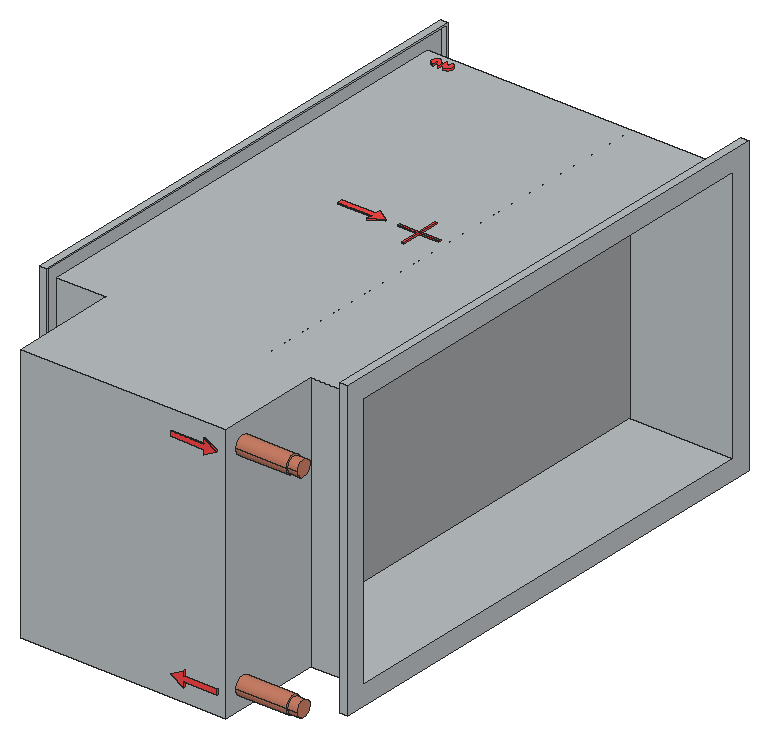
Revit family "NLRS_57_DUA_UN_rectangular-heater-ah_kk-LT_sacs", category Duct Accessories, Revit 2019
Family settings
  Round Connector Dimension = Use Diameter
  Part Type = Breaks Into
  OmniClass Number = 23.75.10.11.17
  OmniClass Title = Warm Air Heat Generators
  Work Plane-Based = No
  Always vertical = Yes
  Cut with Voids When Loaded = No
  Shared = No
Parameters (values of type "AH_KK heater")
  SACS_Warning_Text_Size [instance] = if(SACS_Warning_Size, "Invalid duct size. Nearest larger size selected", " ")  # " "
  SACS_Warning_Text_Other [instance] = if(SACS_Warning_Other, "Selected configuration not allowed", " ")  # " "
  SACS_Warning_Size [instance] = or(not(NLRS_M_c01_breedte = SACS_Duct_Width), not(NLRS_M_c01_hoogte = SACS_Duct_Height))  # no
  SACS_Warning_Sign [instance] = and(not(SACS_Disable_Warning), or(SACS_Warning_Size, SACS_Warning_Other))  # no
  SACS_Warning_Other [instance] = or([Heater rows (2-10)] < 2, [Heater rows (2-10)] > 10, [Heater circuits (1-26)] < 1, [Heater circuits (1-26)] > 26)  # no
  SACS_Use_Manual_Airflow [instance] = no
  SACS_Model [instance] = size_lookup(SACS_Article_Data, "Model", "NB", SACS_Duct_Width, SACS_Duct_Height, SACS_Index1, SACS_Index2, SACS_Index3)  # "AH2KKR-25-02 450x250"
  SACS_Manual_Airflow [instance] = 0.0 m³/h
  SACS_Index3 [instance] = if(SACS_Water_Connection_Right, 0.00 mm, 1.00 mm)  # 0.00 mm
  SACS_Index2 [instance] = if([Heater circuits (1-26)] < 1, 1, if([Heater circuits (1-26)] > 26, 26, [Heater circuits (1-26)])) * 1.00 mm  # 2.00 mm
  SACS_Index1 [instance] = if([Heater rows (2-10)] < 2, 2, if([Heater rows (2-10)] > 10, 10, [Heater rows (2-10)])) * 1.00 mm  # 2.00 mm
  SACS_Disable_Warning [instance] = no
  SACS_Battery_Length [instance] = SACS_Index1 * 50  # 100.00 mm
  SACS_Article_Data = "AH-KK_Data"  # constant formula
  SACS_Water_Connection_Right [instance] = yes
  URL = "https://solid-air.nl/producten/solid-air-naverwarmer-ah-k/"
  Type Comments = "Check flow directions!"  # constant formula
  SACS_Y_Offset3 [instance] = if(SACS_Water_Connection_Right, -1.00 mm, SACS_Length_Y - 1.00 mm)  # -1.00 mm
  SACS_Y_Offset2 [instance] = if(SACS_Water_Connection_Right, SACS_Duct_Width + SACS_Length_Y - 20.00 mm, 20.00 mm)  # 535.00 mm
  SACS_Y_Offset [instance] = if(SACS_Water_Connection_Right, 0.00 mm, SACS_Length_Y)  # 0.00 mm
  SACS_Type_Mark [instance] = ""
  SACS_Right_Box [instance] = if(SACS_Water_Connection_Right, SACS_Duct_Width + SACS_Length_Y, SACS_Y_Offset - 1.00 mm)  # 555.00 mm
  SACS_Plenum_L [instance] = 300.00 mm
  SACS_Offset_RL [instance] = if(SACS_Water_Connection_Right, 20.00 mm, SACS_Duct_Width + SACS_Length_Y - 19.00 mm)  # 20.00 mm
  SACS_Length_Y [instance] = 90.00 mm + NLRS_P_c01_diameter  # 105.00 mm
  SACS_Left_Box [instance] = if(SACS_Water_Connection_Right, SACS_Duct_Width + 1.00 mm, 0.00 mm)  # 451.00 mm
  SACS_Index_Side [instance] = if(SACS_Water_Connection_Right, 0, 1)  # 0
  SACS_Flange_Height [instance] = if(or(SACS_Duct_Height > 650.00 mm, SACS_Duct_Width > 650.00 mm), 29.00 mm, 19.00 mm)  # 19.00 mm
  SACS_Duct_Width [instance] = if(roundup(NLRS_M_c01_breedte / 50.00 mm) * 50 < 200, 200.00 mm, if(roundup(NLRS_M_c01_breedte / 50.00 mm * 50) > 2000, 2000.00 mm, roundup(NLRS_M_c01_breedte / 50.00 mm) * 50.00 mm))  # 450.00 mm
  SACS_Duct_Height [instance] = if(roundup(NLRS_M_c01_hoogte / 50.00 mm) * 50 < 200, 200.00 mm, if(roundup(NLRS_M_c01_hoogte / 50.00 mm * 50) > 1600, 1600.00 mm, roundup(NLRS_M_c01_hoogte / 50.00 mm) * 50.00 mm))  # 250.00 mm
  SACS_Diameter2 [instance] = NLRS_P_c01_diameter + 2.00 mm  # 17.00 mm
  SACS_Article_Code [instance] = size_lookup(SACS_Article_Data, "", "NB", SACS_Duct_Width, SACS_Duct_Height, SACS_Index1, SACS_Index2, SACS_Index3)  # "9401000537"
  SACS_Air_Flow [instance] = 0.0 m³/h
  SA-Select [instance] = "https://selectietool.solid-air.nl/Dashboard/CPMDashPage/Show/14"
  NLRS_P_c01_drukverlies_statisch [instance] = 0.0 Pa
  NLRS_P_c01_diameter [instance] = if([Heater circuits (1-26)] < 8, 15.00 mm, if([Heater circuits (1-26)] < 15, 20.00 mm / 4, if([Heater circuits (1-26)] < 23, 25.00 mm, 32.00 mm)))  # 15.00 mm
  NLRS_M_c01_hoogte [instance] = 250.00 mm
  NLRS_M_c01_drukverlies_statisch [instance] = 0.0 Pa
  NLRS_M_c01_breedte [instance] = 450.00 mm
  NLRS_C_model [instance] = SACS_Model  # "AH2KKR-25-02 450x250"
  NLRS_C_description = Description  # "Heater battery AH_KK - Rectangular connector - Solid Air"
  NLRS_C_content_versie = "3.19.03"  # constant formula
  NLRS_C_content_provider = "Solid Air Climate Solutions"  # constant formula
  NLRS_C_content_datum_uitgifte = "05-07-2022"  # constant formula
  NLRS_C_content_creator = "J. Feeke"  # constant formula
  Heater rows (2-10) [instance] = 2
  NLRS_P_c01_volumestroom [instance] = 0.0 L/s
  NLRS_M_c01_debiet [instance] = abs(if(SACS_Use_Manual_Airflow, SACS_Manual_Airflow, SACS_Air_Flow))  # 0.0 m³/h
  Model = "AH_KK"  # constant formula
  Manufacturer = "Solid Air Climate Solutions"  # constant formula
  LoadBearing [instance] = 1 = 0  # no
  Keynote = ""
  IsExternal [instance] = 1 = 0  # no
  IfcExportType = "Heater"  # constant formula
  IfcExportAs = "IfcHeatExchanger"  # constant formula
  IfcDescription = Description  # "Heater battery AH_KK - Rectangular connector - Solid Air"
  Heater circuits (1-26) [instance] = 2
  FireRating [instance] = "00"  # constant formula
  Description = "Heater battery AH_KK - Rectangular connector - Solid Air"  # constant formula
  Cost = 0
  Assembly Code = "57.00"
Reference planes
  plane 1 "Center (Front/Back)": y = 0
  plane 2: z = 0
  plane 3 "Center (Left/Right)": x = 0
  plane 4 "top": z = 125
  plane 5 "bottom": z = -125
  plane 6 "left": x = -150
  plane 7 "right": x = 150
  plane 8 "back": y = 225
  plane 9 "Front": y = -225
  plane 10 "box": y = -330
  plane 11: y = -226
  plane 12: y = 225
Forms (mm)
  Sweep 1, solid, material "NLRS_57_sendzimir verzinkt_gen_sacs", detail levels medium+fine
    path in 3D
      loop
        line (0, -225, -125) -> (0, 225, -125) -> (0, 225, 125) -> (0, -225, 125) -> (0, -225, -125)
    profile "casing : casing" origin (0, -225, 0) x (0, 1, 0) y (1, 0, 0)
      loop
        line (0, -150) -> (0, 150) -> (-19, 150) -> (-19, 142.5) -> (-18, 142.5) -> (-18, 149) -> (-1, 149) -> (-1, -149) -> (-18, -149) -> (-18, -142.5) -> (-19, -142.5) -> (-19, -150) -> (0, -150)
  Extrusion 2, solid, material "NLRS_57_sendzimir verzinkt_gen_sacs", detail levels medium+fine
    sketch origin (0, 0, 0) x (1, 0, 0) y (0, 1, 0)
      loop
        line (-100, -226) -> (-100, -330) -> (100, -330) -> (100, -226) -> (-100, -226)
    from -126 to 126
  Extrusion 3, solid, material "Koper"
    sketch origin (150, 0, 0) x (0, 1, 0) y (0, 0, 1)
      loop
        circle (-310, 105) r 8.5
      loop
        circle (-310, -105) r 8.5
    from -50 to 0
  Extrusion 4, solid, material "Koper"
    sketch origin (150, 0, 0) x (0, 1, 0) y (0, 0, 1)
      loop
        circle (-310, 105) r 7.5
      loop
        circle (-310, -105) r 7.5
    from 0 to 10
  Extrusion 5, solid, material "NLRS_57_anodised aluminium_gen_sacs", detail levels medium+fine
    sketch origin (0, 0, 0) x (1, 0, 0) y (0, 1, 0)
      loop
        line (-50, 225) -> (-50, -225) -> (50, -225) -> (50, 225) -> (-50, 225)
    from -125 to 125
  Extrusion 6, solid, material "SACS_Label", detail levels medium+fine
    sketch origin (0, 0, 125) x (-1, 0, 0) y (0, -1, 0)
      loop
        line (-23.44, -20) -> (-23.44, -1) -> (-4.439, -1) -> (-4.439, 1) -> (-23.527, 1) -> (-23.527, 20) -> (-25.44, 20) -> (-25.44, 1) -> (-44.439, 1) -> (-44.439, -1) -> (-25.44, -1) -> (-25.44, -20) -> (-23.44, -20)
    from 1 to 2
Cuts and joins
  joined: Sweep 1, Extrusion 2
Lines and regions (mm)
  model lines, not visible
    curve 1: line (0, 225, 125) -> (0, -225, 125)
    curve 2: line (0, 225, -125) -> (0, 225, 125)
    curve 3: line (0, -225, -125) -> (0, 225, -125)
    curve 4: line (0, -225, 125) -> (0, -225, -125)
  sketch lines
    curve 5: line (0, -225, 125) -> (0, -225, -125)
    curve 6: line (0, 225, 125) -> (0, -225, 125)
    curve 7: line (0, 225, -125) -> (0, 225, 125)
    curve 8: line (0, -225, -125) -> (0, 225, -125)
Dimensions and locks
  equal spacing: plane 4 "top", level, plane 5 "bottom"
  "SACS_Duct_Height": plane 4 "top" to plane 5 "bottom"
  equal spacing: plane 6 "left", plane 3 "Center (Left/Right)", plane 7 "right"
  equal spacing: plane 8 "back", plane 1 "Center (Front/Back)", plane 9 "Front"
  "SACS_Duct_Width": plane 8 "back" to plane 9 "Front"
  "SACS_Plenum_L": plane 6 "left" to plane 7 "right"
  "SACS_Y_Offset": plane 12 to plane 8 "back"
  "SACS_Left_Box": plane 12 to plane 11
  "SACS_Right_Box": plane 12 to plane 10 "box"
  locked: Extrusion 2 sketch curve to plane 7 "right" at 50
  locked: plane 6 "left" to Extrusion 2 sketch curve at 50
  locked: Extrusion 2 to plane 4 "top" at 1
  locked: plane 5 "bottom" to Extrusion 2 at 1
  "SACS_Y_Offset2": Extrusion 3 sketch curve to plane 12
  locked: plane 4 "top" to Extrusion 3 sketch curve at 20
  locked: Extrusion 3 sketch curve to plane 5 "bottom" at 20
  "SACS_Y_Offset2": plane 12 to Extrusion 3 sketch curve
  locked: Extrusion 3 to plane 7 "right" at 50
  locked: Extrusion 4 sketch curve to plane 5 "bottom" at 20
  locked: plane 4 "top" to Extrusion 4 sketch curve at 20
  "SACS_Y_Offset2": plane 12 to Extrusion 4 sketch curve  (x2)
  locked: plane 7 "right" to Extrusion 4 at 10
  equal spacing: Extrusion 5 sketch curve, plane 3 "Center (Left/Right)", Extrusion 5 sketch curve
  "SACS_Battery_Length": Extrusion 5 sketch curve to Extrusion 5 sketch curve
  locked: plane 7 "right" to nested 1 at 80
  plane 7 "right" to nested 2 = 80.00 mm
  locked: nested 3 to plane 3 "Center (Left/Right)" at 30
  Extrusion 6 sketch curve to plane 1 "Center (Front/Back)" to Extrusion 6 sketch curve = 1.00 mm locked, 1.00 mm locked
  Extrusion 6 sketch curve to plane 1 "Center (Front/Back)" to Extrusion 6 sketch curve = 20.00 mm locked, 20.00 mm locked
  locked: plane 6 "left" to nested 4 at 25
  locked: plane 8 "back" to nested 4 at 10
  locked: nested 1 to plane 5 "bottom" at 20
  locked: plane 4 "top" to nested 2 at 20
  "SACS_Diameter2": diameter of Extrusion 3 sketch curve  (x2)
  "NLRS_P_c01_diameter": diameter of Extrusion 4 sketch curve  (x2)
  aligned and locked: level to plane 2
  aligned and locked: curve 1 to plane 4 "top"
  aligned and locked: plane 9 "Front" to curve 4
  aligned and locked: plane 5 "bottom" to curve 3
  aligned and locked: curve 2 to plane 8 "back"
  aligned and locked: Extrusion 2 sketch curve to plane 11
  aligned and locked: plane 10 "box" to Extrusion 2 sketch curve
  aligned and locked: plane 7 "right" to Extrusion 3
  aligned and locked: plane 8 "back" to Extrusion 5
  aligned and locked: Extrusion 5 to plane 9 "Front"
  aligned and locked: Extrusion 5 to plane 5 "bottom"
  aligned and locked: plane 4 "top" to Extrusion 5
  aligned and locked: plane 1 "Center (Front/Back)" to nested 3
  aligned and locked: plane 3 "Center (Left/Right)" to nested 5
Automatic sketch dimensions
  plane 3 "Center (Left/Right)" to Extrusion 6 sketch curve = 44.439 mm
  Extrusion 6 sketch curve to Extrusion 6 sketch curve = 18.999 mm
  Extrusion 6 sketch curve to Extrusion 6 sketch curve = 0.00 mm
  Extrusion 6 sketch curve to Extrusion 6 sketch curve = 1.913 mm
  Extrusion 6 sketch curve to plane 1 "Center (Front/Back)" = 1.00 mm
  Extrusion 6 sketch curve to Extrusion 6 sketch curve = 2.00 mm
  plane 3 "Center (Left/Right)" to Extrusion 6 sketch curve = 4.439 mm
  plane 1 "Center (Front/Back)" to Extrusion 6 sketch curve = 1.00 mm
  Extrusion 5 sketch curve to plane 9 "Front" = 0.00 mm
  Extrusion 5 sketch curve to plane 8 "back" = 0.00 mm
Nested families
  nested 1: "arrow" at (70, -331, -105) x (-1, 0, 0) z (0, 1, 0), built-in parameter 1001364 <- "SACS_Y_Offset3", type "arrow"
  nested 2: "arrow" at (70, -331, 105) x (1, 0, 0) z (0, 1, 0), built-in parameter 1001364 <- "SACS_Y_Offset3", type "arrow"
  nested 3: "arrow" at (-30, 0, 126), type "arrow", detail levels medium+fine
  nested 4: "logo_single" at (-125, 215, 125), type "logo_single", detail levels medium+fine
  nested 5: "NV-Symbol" at (0, 0, 125), type "FD-Symbol_Side", detail levels coarse
  nested 6: "Warning" at (0, 0, 125), visible <- "SACS_Warning_Size", type "Warning", detail levels medium+fine
Connectors
  hvac at (-150, 0, 0), driven by "NLRS_M_c01_hoogte", driven by "NLRS_M_c01_breedte", driven by "NLRS_M_c01_debiet", driven by "NLRS_M_c01_drukverlies_statisch"
    settings: on cut or joined group of Sweep 1, Extrusion 2, index 1, duct flow 0.0 m³/h, flow factor 0, pres drop 0.0 Pa, loss coef 0, conn angle 0.00°, conn width 450 mm, conn height 250 mm, conn diameter 609.6 mm, duct sys type 1, conn prof type 1, flow config 1, flow direction 1, loss method 4, conn ref index -1, conn util no, is conn primary yes, conn desc ""
  hvac at (150, 0, 0), driven by "NLRS_M_c01_hoogte", driven by "NLRS_M_c01_breedte", driven by "SACS_Air_Flow"
    settings: on cut or joined group of Sweep 1, Extrusion 2, index 2, duct flow 0.0 m³/h, flow factor 0, pres drop 0.0 Pa, loss coef 0, conn angle 0.00°, conn width 450 mm, conn height 250 mm, conn diameter 609.6 mm, duct sys type 1, conn prof type 1, flow config 0, flow direction 2, loss method 0, conn ref index -1, conn util no, is conn primary no, conn desc ""
  piping at (150, -310, -105), diameter 15, driven by "NLRS_P_c01_diameter", driven by "NLRS_P_c01_volumestroom", driven by "NLRS_P_c01_drukverlies_statisch"
    settings: on Extrusion 4, index 3, connector inside diameter 24", connector length 0.00 mm, flow factor 0, pipe flow 0.0 L/s, pressure drop 0.0 Pa, fitting loss kfactor 0, connector angle 0.00°, fixture units 0, engagement length 0.00 mm, angle of deflection 0.00°, flow configuration 1, flow direction 1, fitting loss method 4, system type 7, joint type 0, gender type 0, connector reference index -1, connector utility 0, adjustable connector no, is connector primary yes, connector description ""
  piping at (150, -310, 105), diameter 15, driven by "NLRS_P_c01_diameter", driven by "NLRS_P_c01_volumestroom", driven by "NLRS_P_c01_drukverlies_statisch"
    settings: on Extrusion 4, index 4, connector inside diameter 24", connector length 0.00 mm, flow factor 0, pipe flow 0.0 L/s, pressure drop 0.0 Pa, fitting loss kfactor 0, connector angle 0.00°, fixture units 0, engagement length 0.00 mm, angle of deflection 0.00°, flow configuration 1, flow direction 2, fitting loss method 4, system type 8, joint type 0, gender type 0, connector reference index -1, connector utility 0, adjustable connector no, is connector primary no, connector description ""
Definition of nested family "arrow"
  Parameters (values of type "arrow")
    Default Elevation = 1219.20 mm
  Reference planes
    plane 1 "Center (Front/Back)": y = 0
    plane 2: z = 0
    plane 3 "Center (Left/Right)": x = 0
  Forms (mm)
    Extrusion 1, solid
      sketch origin (0, 48.354, 0) x (-1, 0, 0) y (0, -1, 0)
        loop
          line (22.513, 50.854) -> (-10.002, 50.854) -> (-10.002, 55.854) -> (-22.513, 48.354) -> (-10.002, 40.854) -> (-10.002, 45.854) -> (22.513, 45.854) -> (22.513, 50.854)
      from 0 to 1
  Dimensions and locks
    aligned and locked: level to plane 2
Definition of nested family "logo_single"
  Parameters (values of type "logo_single")
    t = 5.00 mm
    Model = "LOD 400"
    Description = "Model type"
    Default Elevation = 1219.20 mm
  Reference planes
    plane 1 "Center (Front/Back)": y = 0
    plane 2: z = 0
    plane 3 "Center (Left/Right)": x = 0
    plane 4: z = 2
    plane 5: x = -10
    plane 6: y = -5
    plane 7: y = 5
    plane 8: x = -5
    plane 9: x = 5
    plane 10: x = 10
  Forms (mm)
    Extrusion 1, solid
      sketch origin (-547.644, -297.937, 0) x (1, 0, 0) y (0, 1, 0)
        loop
          arc (542.644, 302.937) -> (537.644, 297.937) -> (542.644, 292.937) r 5
          line (542.644, 292.937) -> (542.644, 297.937) -> (547.644, 292.937) -> (547.644, 297.937) -> (542.644, 302.937)
      from 0 to 2
    Extrusion 2, solid
      sketch origin (0, 0, 0) x (1, 0, 0) y (0, 1, 0)
        loop
          arc (5, -5) -> (10, 0) -> (5, 5) r 5
          line (5, 5) -> (5, 0) -> (0, 5) -> (0, 0) -> (5, -5)
      from 0 to 2
  Dimensions and locks
    "t": plane 7 to plane 1 "Center (Front/Back)"
    "t": plane 6 to plane 1 "Center (Front/Back)"
    "t": plane 5 to plane 8
    "t": plane 8 to plane 3 "Center (Left/Right)"
    "t": plane 3 "Center (Left/Right)" to plane 9
    "t": plane 9 to plane 10
    aligned and locked: level to plane 2
    aligned and locked: plane 4 to Extrusion 1
  Automatic sketch dimensions
    plane 1 "Center (Front/Back)" to Extrusion 1 sketch curve = 0.00 mm  (x3)
    Extrusion 1 sketch curve to plane 8 = 0.00 mm
    Extrusion 1 sketch curve to plane 7 = 0.00 mm
    Extrusion 1 sketch curve to plane 3 "Center (Left/Right)" = 0.00 mm
    Extrusion 1 sketch curve to plane 6 = 0.00 mm
    Extrusion 2 sketch curve to plane 3 "Center (Left/Right)" = 0.00 mm
    plane 1 "Center (Front/Back)" to Extrusion 2 sketch curve = 0.00 mm  (x3)
    Extrusion 2 sketch curve to plane 6 = 0.00 mm
    Extrusion 2 sketch curve to plane 9 = 0.00 mm
    Extrusion 2 sketch curve to plane 7 = 0.00 mm
Definition of nested family "NV-Symbol"
  Parameters (values of type "FD-Symbol_Side")
    Width = 300.00 mm
    Length = 300.00 mm
    Half_Width = Width / 2  # 150.00 mm
  Types (2, lengths in mm): name | Width | Length | Half_Width
    FD-Symbol_Side | 300.00 | 300.00 | 150.00
    FD-Symbol_Top | 0.00 | 750.00 | 0.00
  Reference planes
    plane 1 "Center (Front/Back)": y = 0
    plane 2: z = 0
    plane 3 "Center (Left/Right)": x = 0
    plane 4: x = -150
    plane 5: x = 150
    plane 6: y = -150
    plane 7: y = 150
    plane 8: x = -100
    plane 9: x = -125
    plane 10: y = 125
    plane 11: x = -417.698
    plane 12: y = 67.059
  Lines and regions (mm)
    detail lines, in view "Ref. Level"
      curve 1: line (-150, 150, 0) -> (150, 150, 0)
      curve 2: line (-150, -150, 0) -> (-150, 150, 0)
      curve 3: line (150, -150, 0) -> (-150, -150, 0)
      curve 4: line (150, 150, 0) -> (150, -150, 0)
      curve 5: line (-150, -150, 0) -> (150, 150, 0)
      curve 6: line (-125, 0, 0) -> (-75, 0, 0)
      curve 7: line (-100, 25, 0) -> (-100, -25, 0)
      curve 8: line (-141.355, 137.5, 0) -> (-141.355, 112.5, 0)
      curve 9: line (-141.355, 137.5, 0) -> (-128.855, 112.5, 0)
      curve 10: line (-128.855, 112.5, 0) -> (-128.855, 137.5, 0)
      curve 11: line (-121.145, 137.5, 0) -> (-114.447, 112.5, 0)
      curve 12: line (-114.447, 112.5, 0) -> (-105.347, 137.5, 0)
      curve 18: line (-150, 0, 0) -> (150, 0, 0)
    detail lines, in view "Ref. Level", not visible
      curve 13: line (-434.053, 79.559, 0) -> (-434.053, 54.559, 0)
      curve 14: line (-434.053, 79.559, 0) -> (-421.553, 54.559, 0)
      curve 15: line (-421.553, 54.559, 0) -> (-421.553, 79.559, 0)
      curve 16: line (-413.844, 79.559, 0) -> (-407.145, 54.559, 0)
      curve 17: line (-407.145, 54.559, 0) -> (-398.046, 79.559, 0)
  Dimensions and locks
    "Half_Width": plane 1 "Center (Front/Back)" to plane 6
    "Half_Width": plane 7 to plane 1 "Center (Front/Back)"
    "Length": plane 4 to plane 5
    equal spacing: plane 4, plane 3 "Center (Left/Right)", plane 5
    plane 4 to plane 8 = 50.00 mm
    locked: curve 6 to plane 8 at 25
    locked: plane 8 to curve 6 at 25
    locked: plane 1 "Center (Front/Back)" to curve 7 at 25
    locked: curve 7 to plane 1 "Center (Front/Back)" at 25
    locked: plane 4 to plane 9 at 25
    locked: plane 7 to plane 10 at 25
    aligned and locked: plane 4 to curve 2
    aligned and locked: curve 1 to plane 7
    aligned and locked: curve 4 to plane 5
    aligned and locked: plane 6 to curve 3
    aligned and locked: plane 1 "Center (Front/Back)" to curve 6
    aligned and locked: plane 4 to curve 18
    aligned and locked: plane 5 to curve 18
  Automatic sketch dimensions
    plane 1 "Center (Front/Back)" to curve 18 = 0.00 mm
    curve 5 to plane 4 = 0.00 mm
    curve 7 to plane 8 = 0.00 mm
Definition of nested family "Warning"
  Parameters (values of type "Warning")
    straal = 1000.00 mm
  Reference planes
    plane 1 "Center (Front/Back)": y = 0
    plane 2: z = 0
    plane 3 "Center (Left/Right)": x = 0
  Lines and regions (mm)
    Filled region 1, type "Solid Fill - Black", in view "Ref. Level"
      outline origin (0, 0, 0) x (1, 0, 0) y (0, 1, 0)
        loop
          line (-25.8, 75) -> (-20, -12.003) -> (20, -12.003) -> (25.8, 75) -> (-25.8, 75)
        loop
          circle (0, -50) r 25
